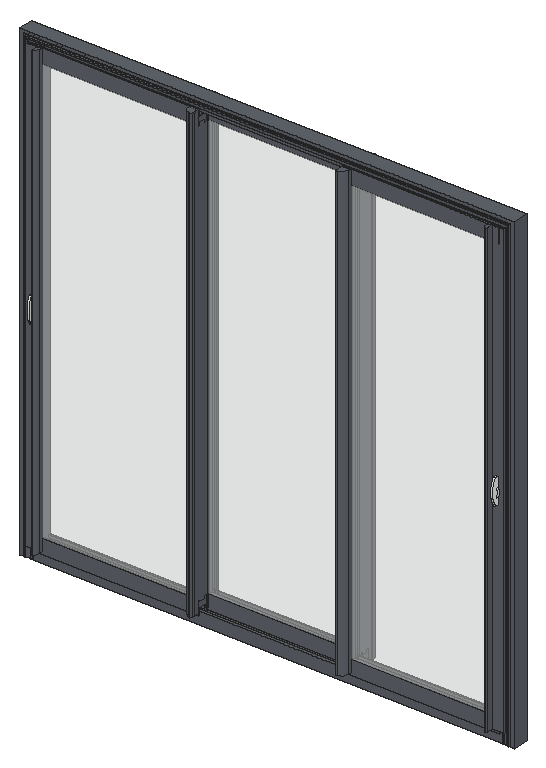
Revit family "Wicslide_65_Glass32_3_leaf_2_track_independent", category Doors, host Wall, Revit 2014 (continued)
Definition of nested family "Leaf_Wicslide_65_G32_2_leaf_2_track_both_sliding_or_1_fixed_1slide_duble"
  Definition of nested family "wicona_handle_2"
    Forms (mm)
      Extrusion 3, solid, material "Aluminium" <- "Handle Material"
        sketch origin (-0.471, 0, 3.281) x (0.788011, 0, 0.615661) y (-0.615661, 0, 0.788011)
          loop
            line (-12.5, 3.457) -> (-12.5, -1.543) -> (2.5, -1.543) -> (2.5, 3.457) -> (-12.5, 3.457)
        from 0 to 7.131
    Dimensions and locks
      aligned and locked: level to plane 2
  Definition of nested family "Sash Verticals_1041270"
    Reference planes
      plane 1 "Center (Front/Back)": y = 0
      plane 2: z = 0
      plane 3 "Center (Left/Right)": x = 0
      plane 4: y = -44
      plane 5: y = -22
      plane 6: y = -6
      plane 7: y = -38
    Lines and regions (mm)
      Filled region 1, type "Concrete", in view "Ref. Level", detail levels medium
        outline origin (18.997, 3.58, 0) x (1, 0, 0) y (0, 1, 0)
          loop
            line (-18.997, -3.58) -> (-18.997, -8.98) -> (-9.097, -8.98) -> (-9.097, -5.18) -> (-0.109, -5.18) -> (-0.109, -45.98) -> (-9.097, -45.98) -> (-9.097, -42.18) -> (-18.997, -42.18) -> (-18.997, -47.58) -> (49.003, -47.58) -> (49.003, -41.58) -> (37.039, -41.58) -> (37.039, -9.58) -> (49.003, -9.58) -> (49.003, -3.58) -> (-18.997, -3.58)
      model lines, style "GLAS", in view "Ref. Level", detail levels fine
        curve 1: line (56.036, -2.324, 0) -> (56.036, -40.117, 0)
  Definition of nested family "Sash meeting 3041250"
    Parameters (values of type "Sash meeting 3041250")
      6 = 6 mm
    Reference planes
      plane 1 "Center (Front/Back)": y = 0
      plane 2: z = 0
      plane 3 "Center (Left/Right)": x = 0
      plane 4: y = -40
      plane 5: y = -18
      plane 6: x = 18.975
      plane 7: y = -2
      plane 8: y = -34
    Lines and regions (mm)
      Filled region 1, type "Concrete", in view "Ref. Level", detail levels medium
        outline origin (18.997, 3.58, 0) x (1, 0, 0) y (0, 1, 0)
          loop
            line (-0.022, -43.58) -> (-0.022, 4.412) -> (-18.997, 4.412) -> (-18.997, 0.72) -> (-38.109, 0.72) -> (-38.109, -5.58) -> (-26.02, -5.58) -> (-26.02, -37.58) -> (-38.109, -37.58) -> (-38.109, -43.58) -> (-0.022, -43.58)
  Definition of nested family "Sash_horizontal_1041274"
    Reference planes
      plane 1 "Center (Front/Back)": y = 0
      plane 2: z = 0
      plane 3 "Center (Left/Right)": x = 0
      plane 4: y = -5.264
      plane 5: y = 46.634
      plane 6: x = -16
      plane 7: x = 16
    Lines and regions (mm)
      Filled region 1, type "Concrete", in view "Ref. Level", detail levels medium
        outline origin (18.997, 3.58, 0) x (1, 0, 0) y (0, 1, 0)
          loop
            line (-39.097, -8.845) -> (-35.597, -8.845) -> (-35.597, 1.655) -> (-37.497, 1.655) -> (-37.497, 22.334) -> (-0.495, 22.334) -> (-0.495, 1.655) -> (-2.394, 1.655) -> (-2.394, -8.845) -> (1.103, -8.845) -> (1.103, 55.157) -> (-2.997, 55.157) -> (-2.997, 43.054) -> (-34.997, 43.054) -> (-34.997, 55.156) -> (-39.097, 55.156) -> (-39.097, -8.845)
      detail lines, style "CENT3", in view "Ref. Level", not visible
        curve 1: line (123.517, -4.599, 0) -> (123.517, -38.599, 0)
      detail lines, style "GLAS", in view "Ref. Level", not visible
        curve 2: line (83.517, -9.599, 0) -> (123.517, -9.599, 0)
        curve 3: line (123.517, -9.599, 0) -> (123.517, -14.599, 0)
        curve 4: line (123.517, -14.599, 0) -> (83.517, -14.599, 0)
        curve 5: line (83.517, -14.599, 0) -> (83.517, -9.599, 0)
        curve 6: line (83.517, -28.599, 0) -> (123.517, -28.599, 0)
        curve 7: line (123.517, -28.599, 0) -> (123.517, -33.599, 0)
        curve 8: line (123.517, -33.599, 0) -> (83.517, -33.599, 0)
        curve 9: line (83.517, -33.599, 0) -> (83.517, -28.599, 0)
        curve 10: line (83.517, -10.599, 0) -> (123.517, -10.599, 0)
        curve 11: line (83.517, -11.599, 0) -> (123.517, -11.599, 0)
        curve 12: line (83.517, -12.599, 0) -> (123.517, -12.599, 0)
        curve 13: line (83.517, -13.599, 0) -> (123.517, -13.599, 0)
        curve 14: line (83.517, -14.599, 0) -> (123.517, -14.599, 0)
        curve 15: line (93.517, -14.599, 0) -> (93.517, -28.599, 0)
        curve 16: line (83.517, -28.599, 0) -> (123.517, -28.599, 0)
        curve 17: line (83.517, -29.599, 0) -> (123.517, -29.599, 0)
        curve 18: line (83.517, -30.599, 0) -> (123.517, -30.599, 0)
        curve 19: line (83.517, -31.599, 0) -> (123.517, -31.599, 0)
        curve 20: line (83.517, -32.599, 0) -> (123.517, -32.599, 0)
        curve 21: line (123.517, -9.599, 0) -> (83.517, -9.599, 0)
        curve 22: line (83.517, -9.599, 0) -> (83.517, -33.599, 0)
        curve 23: line (83.517, -33.599, 0) -> (123.517, -33.599, 0)
      detail lines, style "GLAS", in view "Ref. Level", not visible, detail levels fine
        curve 24: line (56.036, -6.117, 0) -> (96.036, -6.117, 0)
        curve 25: line (96.036, -30.117, 0) -> (56.036, -30.117, 0)
        curve 26: line (96.036, -6.117, 0) -> (56.036, -6.117, 0)
        curve 27: line (56.036, -6.117, 0) -> (56.036, -30.117, 0)
        curve 28: line (56.036, -30.117, 0) -> (96.036, -30.117, 0)
  Definition of nested family "Sash Verticals_1041271"
    Reference planes
      plane 1 "Center (Front/Back)": y = 0
      plane 2: z = 0
      plane 3 "Center (Left/Right)": x = 0
      plane 4: y = -44
      plane 5: y = -22
      plane 6: y = -6
      plane 7: y = -38
    Lines and regions (mm)
      Filled region 1, type "Concrete", in view "Ref. Level", detail levels medium
        outline origin (18.997, 3.58, 0) x (1, 0, 0) y (0, 1, 0)
          loop
            line (-18.997, -3.58) -> (-18.997, -8.98) -> (-9.097, -8.98) -> (-9.097, -5.18) -> (-0.109, -5.18) -> (-0.109, -45.98) -> (-9.097, -45.98) -> (-9.097, -42.18) -> (-18.997, -42.18) -> (-18.997, -70.58) -> (49.003, -70.58) -> (49.003, -41.58) -> (37.039, -41.58) -> (37.039, -9.58) -> (49.003, -9.58) -> (49.003, -3.58) -> (-18.997, -3.58)
      model lines, style "GLAS", in view "Ref. Level", detail levels fine
        curve 1: line (56.036, -2.324, 0) -> (56.036, -40.117, 0)
  Definition of nested family "Sash Verticals_1041272"
    Reference planes
      plane 1 "Center (Front/Back)": y = 0
      plane 2: z = 0
      plane 3 "Center (Left/Right)": x = 0
      plane 4: y = -44
      plane 5: y = -22
      plane 6: y = -6
      plane 7: y = -38
    Lines and regions (mm)
      Filled region 1, type "Concrete", in view "Ref. Level", detail levels medium
        outline origin (18.997, 5.863, 0) x (1, 0, 0) y (0, 1, 0)
          loop
            line (-18.997, -5.863) -> (-18.997, -11.863) -> (-8.997, -11.863) -> (-8.997, -7.463) -> (-0.109, -7.463) -> (-0.109, -48.263) -> (-8.997, -48.263) -> (-8.997, -43.863) -> (-18.997, -43.863) -> (-18.997, -49.863) -> (-2.997, -49.863) -> (-2.997, -69.862) -> (49.003, -69.862) -> (49.003, -43.863) -> (37.039, -43.863) -> (37.039, -11.863) -> (49.003, -11.863) -> (49.003, -5.863) -> (-18.997, -5.863)
      model lines, style "GLAS", in view "Ref. Level", detail levels fine
        curve 1: line (56.036, -2.324, 0) -> (56.036, -40.117, 0)
  Definition of nested family "Sash Verticals_1041273"
    Reference planes
      plane 1 "Center (Front/Back)": y = 0
      plane 2: z = 0
      plane 3 "Center (Left/Right)": x = 0
      plane 4: y = -44
      plane 5: y = -22
      plane 6: y = -6
      plane 7: y = -38
    Lines and regions (mm)
      Filled region 1, type "Concrete", in view "Ref. Level", detail levels medium
        outline origin (18.997, 5.863, 0) x (1, 0, 0) y (0, 1, 0)
          loop
            line (-18.997, -5.863) -> (-18.997, -11.263) -> (-8.997, -11.263) -> (-8.997, -7.463) -> (-0.109, -7.463) -> (-0.109, -48.263) -> (-8.997, -48.263) -> (-8.997, -44.463) -> (-18.997, -44.463) -> (-18.997, -49.863) -> (32.003, -49.863) -> (32.003, -72.818) -> (32.786, -79.191) -> (34.42, -83.863) -> (38.085, -83.863)
            arc (38.085, -83.863) -> (45.505, -72.219) -> (49.003, -58.863) r 44.553
            line (49.003, -58.863) -> (49.003, -43.863) -> (37.039, -43.863) -> (37.039, -11.863) -> (49.003, -11.863) -> (49.003, -5.863) -> (-18.997, -5.863)
      model lines, style "GLAS", in view "Ref. Level", detail levels fine
        curve 1: line (56.036, -2.324, 0) -> (56.036, -40.117, 0)
  Definition of nested family "Sash meeting 3041251"
    Parameters (values of type "Sash meeting 3041251")
      6 = 6 mm
    Reference planes
      plane 1 "Center (Front/Back)": y = 0
      plane 2: z = 0
      plane 3 "Center (Left/Right)": x = 0
      plane 4: y = -40
      plane 5: y = -18
      plane 6: x = 18.975
      plane 7: y = -2
      plane 8: y = -34
      plane 9: y = 4.5
    Lines and regions (mm)
      Filled region 1, type "Concrete", in view "Ref. Level", detail levels medium
        outline origin (18.997, 3.58, 0) x (1, 0, 0) y (0, 1, 0)
          loop
            line (-0.022, -78.58) -> (-0.022, 4.412) -> (-18.997, 4.412) -> (-18.997, 0.72) -> (-38.109, 0.72) -> (-38.109, -5.58) -> (-26.02, -5.58) -> (-26.02, -37.58) -> (-38.109, -37.58) -> (-38.109, -78.58) -> (-0.022, -78.58)
  Definition of nested family "Sash meeting 3041252"
    Parameters (values of type "Sash meeting 3041252")
      6 = 6 mm
    Reference planes
      plane 1 "Center (Front/Back)": y = 0
      plane 2: z = 0
      plane 3 "Center (Left/Right)": x = 0
      plane 4: y = -40
      plane 5: y = -18
      plane 6: x = 18.975
      plane 7: y = -2
      plane 8: y = -34
      plane 9: y = 4.5
    Lines and regions (mm)
      Filled region 1, type "Concrete", in view "Ref. Level", detail levels medium
        outline origin (18.997, 3.58, 0) x (1, 0, 0) y (0, 1, 0)
          loop
            line (-0.022, -60.28) -> (-0.022, 4.412) -> (-18.997, 4.412) -> (-18.997, 0.72) -> (-38.109, 0.72) -> (-38.109, -5.58) -> (-26.02, -5.58) -> (-26.02, -37.58) -> (-38.109, -37.58) -> (-38.109, -52.434)
            arc (-38.109, -52.434) -> (-28.07, -70.772) -> (-11.546, -83.58) r 51.285
            line (-11.546, -83.58) -> (-4.436, -83.58) -> (-0.022, -60.28)
  Definition of nested family "Sash_lock"
    Reference planes
      plane 1 "Center (Front/Back)": y = 0
      plane 2: z = 0
      plane 3 "Center (Left/Right)": x = 0
      plane 4: y = -36
      plane 5: y = -18
  Definition of nested family "wicona_handle_2d"
    Reference planes
      plane 1 "Center (Front/Back)": y = 0
      plane 2: z = 0
      plane 3 "Center (Left/Right)": x = 0
    Lines and regions (mm)
      Filled region 1, type "Concrete", in view "Ref. Level", detail levels medium
        outline origin (18.997, 3.58, 0) x (1, 0, 0) y (0, 1, 0)
          loop
            line (-32.997, -3.58) -> (-32.997, -9.933) -> (-24.997, -13.663) -> (-24.997, -27.833) -> (-22.937, -29.893) -> (-14.406, -29.893) -> (-13.407, -28.894) -> (-12.884, -13.903) -> (-10.056, -13.145) -> (-10.056, -16.127) -> (-7.132, -23.016) -> (0.376, -23.016) -> (1.978, -21.414) -> (0.932, -15.482) -> (-2.662, -8.313) -> (-7.394, -3.58) -> (-32.997, -3.58)
      model lines, style "PIECES", in view "Ref. Level", detail levels fine
        curve 1: arc (14, -1.6, 0) -> (13.707, -0.893, 0) -> (13, -0.6, 0) r 1
        curve 2: arc (6.221, -10.26, 0) -> (7.596, -9.888, 0) -> (8.949, -9.443, 0) r 26.5
        curve 3: arc (-13.393, -7.367, 0) -> (-9.913, -9.076, 0) -> (-6.221, -10.26, 0) r 26.5
        curve 4: arc (11.211, -7.242, 0) -> (11.535, -6.913, 0) -> (11.677, -6.473, 0) r 1
        curve 5: line (11.793, -0.6, 0) -> (12.052, -0.6, 0)
        curve 6: line (12.052, -0.6, 0) -> (13, -0.6, 0)
        curve 7: line (8.949, -12.262, 0) -> (8.949, -8.492, 0)
        curve 8: line (-4.591, -26.312, 0) -> (4.591, -26.312, 0)
        curve 9: line (-5.814, -25, 0) -> (-6.068, -10.451, 0)
        curve 10: line (-6.068, -10.451, 0) -> (-6.221, -10.26, 0)
        curve 11: line (5.815, -24.927, 0) -> (6.068, -10.451, 0)
        curve 12: line (6.068, -10.451, 0) -> (6.221, -10.26, 0)
        curve 13: line (11.211, -7.242, 0) -> (10.341, -7.762, 0)
        curve 14: line (10.341, -7.762, 0) -> (9.463, -8.24, 0)
        curve 15: line (9.463, -8.24, 0) -> (8.565, -8.68, 0)
        curve 16: line (8.565, -8.68, 0) -> (7.649, -9.083, 0)
        curve 17: line (7.505, -9.142, 0) -> (7.006, -9.364, 0)
        curve 18: line (-13.393, -7.367, 0) -> (-13.886, -6.543, 0)
        curve 19: line (-13.886, -6.543, 0) -> (-14, 0, 0)
        curve 20: line (-14, 0, 0) -> (11.805, 0, 0)
        curve 21: line (11.805, 0, 0) -> (11.786, -1, 0)
        curve 22: line (11.786, -1, 0) -> (11.766, -2, 0)
        curve 23: line (11.766, -2, 0) -> (11.747, -2.999, 0)
        curve 24: line (11.747, -2.999, 0) -> (11.727, -3.999, 0)
        curve 25: line (11.727, -3.999, 0) -> (11.708, -4.999, 0)
        curve 26: line (11.708, -4.999, 0) -> (11.688, -5.999, 0)
        curve 27: line (11.688, -5.999, 0) -> (11.68, -6.413, 0)
        curve 28: line (12.793, -0.754, 0) -> (13.413, -1.137, 0)
        curve 29: line (13.413, -1.137, 0) -> (14.151, -1.812, 0)
        curve 30: line (14.151, -1.812, 0) -> (14.853, -2.523, 0)
        curve 31: line (14.853, -2.523, 0) -> (15.519, -3.269, 0)
        curve 32: line (15.519, -3.269, 0) -> (16.149, -4.046, 0)
        curve 33: line (16.149, -4.046, 0) -> (16.743, -4.851, 0)
        curve 34: line (16.743, -4.851, 0) -> (17.301, -5.68, 0)
        curve 35: line (17.301, -5.68, 0) -> (17.61, -6.174, 0)
        curve 36: line (12.052, -0.6, 0) -> (12.765, -0.743, 0)
        curve 37: line (17.643, -6.231, 0) -> (18.091, -7.125, 0)
        curve 38: line (18.091, -7.125, 0) -> (18.508, -8.034, 0)
        curve 39: line (18.508, -8.034, 0) -> (18.897, -8.955, 0)
        curve 40: line (18.897, -8.955, 0) -> (19.257, -9.888, 0)
        curve 41: line (19.257, -9.888, 0) -> (19.59, -10.831, 0)
        curve 42: line (19.59, -10.831, 0) -> (19.895, -11.783, 0)
        curve 43: line (19.895, -11.783, 0) -> (20.172, -12.744, 0)
        curve 44: line (20.172, -12.744, 0) -> (20.422, -13.712, 0)
        curve 45: line (20.422, -13.712, 0) -> (20.645, -14.687, 0)
        curve 46: line (20.645, -14.687, 0) -> (20.841, -15.667, 0)
        curve 47: line (20.841, -15.667, 0) -> (21.011, -16.653, 0)
        curve 48: line (21.011, -16.653, 0) -> (21.043, -16.863, 0)
        curve 49: line (21.043, -16.863, 0) -> (20.974, -17.852, 0)
        curve 50: line (20.974, -17.852, 0) -> (20.702, -18.43, 0)
        curve 51: line (20.702, -18.43, 0) -> (20.014, -19.149, 0)
        curve 52: line (20.014, -19.149, 0) -> (19.107, -19.554, 0)
        curve 53: line (19.107, -19.554, 0) -> (18.664, -19.6, 0)
        curve 54: line (18.664, -19.6, 0) -> (16.934, -19.6, 0)
        curve 55: line (16.934, -19.6, 0) -> (15.934, -19.6, 0)
        curve 56: line (15.934, -19.6, 0) -> (14.934, -19.6, 0)
        curve 57: line (14.934, -19.6, 0) -> (13.934, -19.6, 0)
        curve 58: line (13.934, -19.6, 0) -> (13.413, -19.6, 0)
        curve 59: line (13.413, -19.6, 0) -> (12.446, -19.377, 0)
        curve 60: line (12.446, -19.377, 0) -> (11.651, -18.781, 0)
        curve 61: line (11.651, -18.781, 0) -> (11.243, -18.216, 0)
        curve 62: line (11.243, -18.216, 0) -> (10.768, -17.336, 0)
        curve 63: line (10.768, -17.336, 0) -> (10.324, -16.441, 0)
        curve 64: line (10.324, -16.441, 0) -> (9.909, -15.531, 0)
        curve 65: line (9.909, -15.531, 0) -> (9.525, -14.608, 0)
        curve 66: line (9.525, -14.608, 0) -> (9.171, -13.672, 0)
        curve 67: line (9.162, -13.647, 0) -> (8.966, -12.67, 0)
        curve 68: line (8.963, -12.62, 0) -> (8.951, -12.312, 0)
        curve 69: arc (-5.814, -25, 0) -> (-5.429, -25.928, 0) -> (-4.501, -26.312, 0) r 1.312
        curve 70: arc (4.591, -26.312, 0) -> (5.454, -25.955, 0) -> (5.812, -25.091, 0) r 1.221
  Definition of nested family "window_2_pieces_glass_line"
    Parameters (values of type "T32")
      v1 = 5 mm
      line = 10 mm
      built-in parameter 1001306 [instance] = 1200 mm
      Glass Thickness = 32 mm
    Types (2, lengths in mm): name | Glass Thickness
      T24 | 24
      T32 | 32
    Reference planes
      plane 1 "Center (Front/Back)": y = 0
      plane 2: z = 0
      plane 3 "Left": x = 0
      plane 4 "Right": x = 1200
      plane 5: y = 32
      plane 6: y = 5
      plane 7: y = 27
      plane 8: x = 10
      plane 9: x = 1190
    Lines and regions (mm)
      reference lines, in view "Ref. Level"
        curve 1: line (0, 0, 0) -> (1200, 0, 0)
      detail lines, in view "Ref. Level", detail levels medium+fine
        curve 2: line (0, 32, 0) -> (1200, 32, 0)
        curve 3: line (0, 0, 0) -> (1200, 0, 0)
      detail lines, in view "Ref. Level", detail levels fine
        curve 4: line (0, 27, 0) -> (1200, 27, 0)
        curve 5: line (0, 5, 0) -> (1200, 5, 0)
      model lines, style "DetailComponents", in view "Ref. Level", detail levels fine
        curve 6: line (10, 27, 0) -> (10, 5, 0)
      detail lines, style "DetailComponents", in view "Ref. Level", detail levels fine
        curve 7: line (1190, 27, 0) -> (1190, 5, 0)
      model lines, style "DetailComponents", in view "Ref. Level", detail levels medium+fine
        curve 8: line (1200, 32, 0) -> (1200, 0, 0)
      detail lines, style "DetailComponents", in view "Ref. Level", detail levels medium+fine
        curve 9: line (0, 32, 0) -> (0, 0, 0)
    Dimensions and locks
      "built-in parameter 1001306": plane 3 "Left" to plane 4 "Right"
      "Glass Thickness": plane 5 to plane 1 "Center (Front/Back)"
      plane 5 to plane 1 "Center (Front/Back)" = 32 mm
      "v1": plane 5 to plane 7
      "v1": plane 6 to plane 1 "Center (Front/Back)"
      "line": plane 3 "Left" to plane 8
      "line": plane 9 to plane 4 "Right"
      aligned and locked: plane 1 "Center (Front/Back)" to curve 1
      aligned and locked: plane 3 "Left" to curve 1
      aligned and locked: plane 4 "Right" to curve 1
      aligned and locked: plane 5 to curve 2
      aligned and locked: plane 7 to curve 4
      aligned and locked: plane 6 to curve 5
      aligned and locked: curve 5 to curve 6
      aligned and locked: curve 6 to plane 8
      aligned and locked: curve 5 to curve 7
      aligned and locked: curve 7 to plane 9
      aligned and locked: plane 1 "Center (Front/Back)" to curve 9
      aligned and locked: curve 9 to plane 3 "Left"
      aligned and locked: curve 2 to curve 8
      aligned and locked: curve 3 to curve 8
      aligned and locked: curve 8 to plane 4 "Right"
      aligned and locked: curve 4 to curve 7
      aligned and locked: curve 4 to curve 6
    Automatic sketch dimensions
      curve 5 to plane 4 "Right" = 0 mm
      curve 4 to plane 4 "Right" = 0 mm
      curve 3 to plane 4 "Right" = 0 mm
      curve 2 to plane 4 "Right" = 0 mm
Definition of nested family "Frame_1041231"
  Reference planes
    plane 1 "Center (Front/Back)": y = 0
    plane 2: z = 0
    plane 3 "Center (Left/Right)": x = 0
  Lines and regions (mm)
    Filled region 1, type "Concrete", in view "Ref. Level", detail levels medium
      outline origin (18.997, 3.58, 0) x (1, 0, 0) y (0, 1, 0)
        loop
          line (-18.997, -3.58) -> (-18.997, -68.58) -> (28.505, -68.58) -> (28.505, -56.58) -> (9.034, -56.58) -> (9.034, -15.58) -> (28.505, -15.58) -> (28.505, -3.58) -> (-18.997, -3.58)
Definition of nested family "Frame_1041226"
  Reference planes
    plane 1 "Center (Front/Back)": y = 0
    plane 2: z = 0
    plane 3 "Center (Left/Right)": x = 0
    plane 4: y = -65
  Lines and regions (mm)
    Filled region 1, type "Concrete", in view "Ref. Level", detail levels medium
      outline origin (18.997, 3.58, 0) x (1, 0, 0) y (0, 1, 0)
        loop
          line (-18.997, -3.58) -> (-18.997, -68.58) -> (-2.997, -68.58) -> (-2.997, -63.512) -> (-1.065, -61.58) -> (3.709, -61.58) -> (3.709, -70.58) -> (9.471, -70.58) -> (22.099, -68.58) -> (35.503, -68.58) -> (35.503, -56.58) -> (16.07, -56.58) -> (16.07, -15.58) -> (35.503, -15.58) -> (35.503, -3.58) -> (-18.997, -3.58)
Definition of nested family "Frame_Bottom_1041232"
  Reference planes
    plane 1 "Center (Front/Back)": y = 0
    plane 2: z = 0
    plane 3 "Center (Left/Right)": x = 0
    plane 4: y = -65
  Lines and regions (mm)
    Filled region 1, type "Concrete", in view "Ref. Level", detail levels medium
      outline origin (18.997, -68.58, 0) x (0, -1, 0) y (1, 0, 0)
        loop
          line (19.42, 13.237) -> (19.42, 28.505) -> (-15.58, 28.505) -> (-15.58, 9.034) -> (-56.58, 9.034) -> (-56.58, 28.505) -> (-68.58, 28.505) -> (-68.58, -18.997) -> (-3.58, -18.997) -> (-3.58, -2.747) -> (10.554, -2.747)
          arc (10.554, -2.747) -> (15.822, 4.781) -> (19.42, 13.237) r 44.207
Definition of nested family "Seal"
  Reference planes
    plane 1 "Center (Front/Back)": y = 0
    plane 2: z = 0
    plane 3 "Center (Left/Right)": x = 0
Definition of nested family "sliding door_coarse"
  Parameters (values of type "52")
    line = 52 mm
    built-in parameter 1001306 [instance] = 1400 mm
    Glass Thickness = 52 mm
  Types (4, lengths in mm): name | line | built-in parameter 1001306 | Glass Thickness
    36 | 36 | 1200 | 36
    40 | 40 | 1200 | 40
    44 | 44 | 1400 | 44
    52 | 52 | 1400 | 52
  Reference planes
    plane 1 "Center (Front/Back)": y = 0
    plane 2: z = 0
    plane 3 "Left": x = 0
    plane 4 "Right": x = 1400
    plane 5: y = 26
    plane 6: y = -26
    plane 7: x = 52
    plane 8: x = 1348
  Lines and regions (mm)
    reference lines, in view "Ref. Level"
      curve 1: line (52, 0, 0) -> (1348, 0, 0)
    detail lines, in view "Ref. Level", detail levels coarse
      curve 2: line (0, 26, 0) -> (1400, 26, 0)
      curve 3: line (0, -26, 0) -> (1400, -26, 0)
      curve 4: line (52, 0, 0) -> (1348, 0, 0)
    model lines, style "DetailComponents", in view "Ref. Level", detail levels coarse
      curve 5: line (1400, 26, 0) -> (1400, -26, 0)
    detail lines, style "DetailComponents", in view "Ref. Level", detail levels coarse
      curve 6: line (0, 26, 0) -> (0, -26, 0)
      curve 7: line (52, 26, 0) -> (52, -26, 0)
      curve 8: line (1348, 26, 0) -> (1348, -26, 0)
  Dimensions and locks
    "built-in parameter 1001306": plane 3 "Left" to plane 4 "Right"
    "line": plane 3 "Left" to plane 7
    "line": plane 8 to plane 4 "Right"
    "Glass Thickness": plane 5 to plane 6
    equal spacing: plane 5, plane 1 "Center (Front/Back)", plane 6
    aligned and locked: plane 1 "Center (Front/Back)" to curve 1
    aligned and locked: plane 5 to curve 2
    aligned and locked: curve 6 to plane 3 "Left"
    aligned and locked: curve 2 to curve 5
    aligned and locked: curve 3 to curve 5
    aligned and locked: curve 5 to plane 4 "Right"
    aligned and locked: curve 7 to plane 7
    aligned and locked: curve 8 to plane 5
    aligned and locked: curve 8 to plane 8
    aligned and locked: plane 7 to curve 4
    aligned and locked: plane 8 to curve 4
    aligned and locked: plane 6 to curve 3
    aligned and locked: curve 1 to curve 4
  Automatic sketch dimensions
    curve 3 to plane 4 "Right" = 0 mm
    curve 2 to plane 4 "Right" = 0 mm
    curve 1 to plane 8 = 0 mm
    curve 1 to plane 7 = 0 mm
